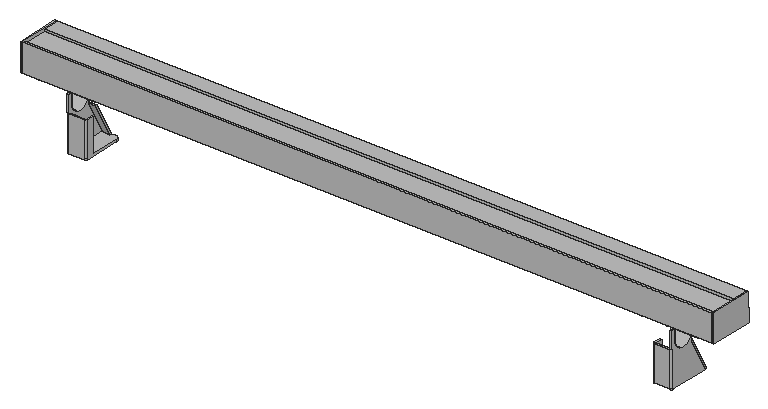
Revit family "4070757+4070747+4070771 Feilo Sylvania Lighting Fixtures CURSUS 876MM 548LM WIDE LED 3K with SINGLE WALL HOUSING with 70MM WALL BRACKET", category Lighting Fixtures, host Face, Revit 2017
Family settings
  Host = Face
  Round Connector Dimension = Use Diameter
  Part Type = Normal
  OmniClass Number = 23.80.70.14
  OmniClass Title = Luminaries for External Lighting
  Cut with Voids When Loaded = Yes
  Light Source = No
  Shared = No
  Room Calculation Point = No
Parameters (values of type "4070757 CURSUS 876MM 548LM WIDE LED 3K")
  Weight = "1.7 kg"
  Wattage Comments = "n/a"
  WarrantyStartDate [instance] = "n/a"
  WarrantyGuarantorParts = "n/a"
  WarrantyDurationUnit = "n/a"
  WarrantyDurationParts = "n/a"
  WarrantyDescription = "n/a"
  Voltage = 24 V
  URL = "http://www.sylvania-lighting.com"
  TypeName = "CURSUS 876MM 548LM WIDE LED 3K"
  TypeFixture_FEILO = CURSUS with SINGLE WALL HOUSING : CURSUS 876MM 548LM WIDE LED 3K
  Type Image = <None>
  Type Comments = "n/a"
  TiltAngle [instance] = 0.00°
  StartAngle [instance] = TiltAngle + 270.00°  # 270.00°
  SerialNumber [instance] = "n/a"
  ReflectorMaterial = none
  PowerFactor = 0
  PowerConsumption = "13.5 W"
  NominalLength = 876 mm
  NominalHeight = 50 mm
  NominalDepth = 30 mm
  Name = "CURSUS 876MM 548LM WIDE LED 3K"
  ModelReference = Name  # "CURSUS 876MM 548LM WIDE LED 3K"
  ModelNumber = "4070757"
  Model = Name  # "CURSUS 876MM 548LM WIDE LED 3K"
  Material = "natural anodised extruded aluminium structure housing"
  ManufacturerName = "Feilo Sylvania"
  Manufacturer = "Feilo Sylvania"
  LuminousEfficacy = "40.59 lm/W"
  LuminaireType = ""
  LightOutputRatio = "100"
  LampsType = Lamp  # "LED"
  LampNominalLuminous = "548 lm"
  LampMacAdamStep = "n/a"
  LampColourTemperature = "3000 K"
  LampColourRenderingIndex = "80"
  Lamp = "LED"
  Keynote = "16500"
  InstallationDate [instance] = "n/a"
  InputVoltage = "24V DC"
  InputNominalFrequency = "n/a"
  IngressProtection = "IP67"
  ImpactProtectionIndex = "IK07"
  IfcExportType = "IfcLightFixtureType"
  IfcExportAs = "IfcLightFixtureType"
  ExpectedLife = 50000
  EndAngle [instance] = StartAngle - 180.00°  # 90.00°
  ElectricShockClassification = "Class III"
  DurationUnit = "hours"
  DocumentationLiterature = "http://www.sylvania-lighting.com/product/en-int/products/4070757"
  DimmingControlOptions = "n/a"
  DiffuserMaterial = Diffuser-Sylvania-Glow
  Description = "LED Exterior Lighting Recessed Surface Mounted Linear Fixture, Natural anodised extruded aluminium structure. Die-cast aluminium end caps. Installation kit with harmonic steel springs., 548 lm, 13,5W, 40lm/W, 3000K, CRI80+,non dimmable,IP67, IK07, (HxWxD) 876x50x30mm, 3 step Mac Adam Ellipse, 1.7kg,, Classe III, 21-25V-DC, energy class : A++, A+, A"
  Default Elevation = 1219.2 mm
  CreatedOn = "1/8/2018"
  CreatedBy = ""
  Cost = 0
  built-in parameter 1114216 [instance] = (empty or 0)
  ClassificationValue = "EF_70_80"
  ClassificationName = "Uniclass2015"
  BracketWidth = 24 mm
  BracketThickness = 2 mm
  BracketHeightEnd = 32 mm
  BracketHeight = 55 mm
  BracketFlange = BracketHeight / 5  # 11 mm
  BracketExtension = 70 mm
  BracketEndReduction = 25 mm
  BracketC = 22 mm  # constant formula
  BracketDistance = 745 mm
  BracketD = BracketHeightEnd - (BracketC * (BracketHeight - BracketHeightEnd) / (BracketExtension - BracketEndReduction))  # 20.756 mm
  BodyMaterial = Body-Sylvania-Gray
  BarCode [instance] = "n/a"
  AssetType = "Fixed"
  AssetIdentifier [instance] = "n/a"
  Assembly Code = "D5020200"
  Apparent Load = 13.5 VA
  AccessoryMaterial = Diffuser-Sylvania-Glow
Reference planes
  plane 1 "Center (Front/Back)": y = 0
  plane 2: z = 0
  plane 3 "Center (Left/Right)": x = 0
  plane 4: x = -384.5
  plane 5: x = 384.5
  plane 6: y = 55
  plane 7: x = -360.5
  plane 8: x = 360.5
  plane 9: z = 70
  plane 10: z = 56
  plane 11: z = 2
  plane 12: z = 45
  plane 13: x = -382.5
  plane 14: y = 53
  plane 15: y = 2
  plane 16: x = -362.5
  plane 17: x = 362.5
  plane 18: x = 382.5
  plane 19: x = -372.5
  plane 20: x = 372.5
  plane 21: y = 11
  plane 22: y = 32
  plane 23: y = 30
  plane 24: z = 67
  plane 25: y = 20.756
  plane 26: y = 16
Forms (mm)
  Blend 1, solid, material "Body-Sylvania-Gray" <- "BodyMaterial"
    base sketch origin (1223.4, -4572, 2) x (0, -1, 0) y (1, 0, 0)
      loop
        line (-4625, -1595.9) -> (-4627, -1595.9) -> (-4627, -1605.9)
        arc (-4627, -1605.9) -> (-4626.414, -1607.314) -> (-4625, -1607.9) r 2
        line (-4625, -1607.9) -> (-4574, -1607.9)
        arc (-4574, -1607.9) -> (-4572.586, -1607.314) -> (-4572, -1605.9) r 2
        line (-4572, -1605.9) -> (-4572, -1585.9)
        arc (-4572, -1585.9) -> (-4572.586, -1584.486) -> (-4574, -1583.9) r 2
        line (-4574, -1583.9) -> (-4583, -1583.9) -> (-4583, -1585.9) -> (-4574, -1585.9) -> (-4574, -1605.9) -> (-4625, -1605.9) -> (-4625, -1595.9)
    top sketch origin (1223.4, -4572, 2) x (0, -1, 0) y (1, 0, 0)
      loop
        line (-4583, -1585.9) -> (-4574, -1585.9) -> (-4574, -1605.9) -> (-4602, -1605.9) -> (-4602, -1595.9) -> (-4604, -1595.9) -> (-4604, -1605.9)
        arc (-4604, -1605.9) -> (-4603.52, -1607.21) -> (-4602.309, -1607.9) r 2.028
        line (-4602.309, -1607.9) -> (-4574, -1607.9)
        arc (-4574, -1607.9) -> (-4572.586, -1607.314) -> (-4572, -1605.9) r 2
        line (-4572, -1605.9) -> (-4572, -1585.9)
        arc (-4572, -1585.9) -> (-4572.586, -1584.486) -> (-4574, -1583.9) r 2
        line (-4574, -1583.9) -> (-4583, -1583.9) -> (-4583, -1585.9)
    from 0 to 43
  Extrusion 2, solid, material "Body-Sylvania-Gray" <- "BodyMaterial"
    sketch origin (0, 0, 0) x (1, 0, 0) y (0, 1, 0)
      loop
        arc (-382.5, 55) -> (-383.914, 54.414) -> (-384.5, 53) r 2
        line (-384.5, 53) -> (-384.5, 2)
        arc (-384.5, 2) -> (-383.914, 0.586) -> (-382.5, 0) r 2
        line (-382.5, 0) -> (-362.5, 0)
        arc (-362.5, 0) -> (-361.086, 0.586) -> (-360.5, 2) r 2
        line (-360.5, 2) -> (-360.5, 47.5)
        arc (-360.5, 47.5) -> (-362.697, 52.803) -> (-368, 55) r 7.5
        line (-368, 55) -> (-382.5, 55)
      loop
        line (382.5, 55) -> (368, 55)
        arc (368, 55) -> (362.697, 52.803) -> (360.5, 47.5) r 7.5
        line (360.5, 47.5) -> (360.5, 2)
        arc (360.5, 2) -> (361.086, 0.586) -> (362.5, 0) r 2
        line (362.5, 0) -> (382.5, 0)
        arc (382.5, 0) -> (383.914, 0.586) -> (384.5, 2) r 2
        line (384.5, 2) -> (384.5, 53)
        arc (384.5, 53) -> (383.914, 54.414) -> (382.5, 55) r 2
    from 0 to 2
  Blend 3, solid, material "Body-Sylvania-Gray" <- "BodyMaterial"
    base sketch origin (1223.4, -4572, 2) x (0, -1, 0) y (1, 0, 0)
      loop
        line (-4625, -840.9) -> (-4574, -840.9) -> (-4574, -860.9) -> (-4583, -860.9) -> (-4583, -862.9) -> (-4574, -862.9)
        arc (-4574, -862.9) -> (-4572.586, -862.314) -> (-4572, -860.9) r 2
        line (-4572, -860.9) -> (-4572, -840.9)
        arc (-4572, -840.9) -> (-4572.586, -839.486) -> (-4574, -838.9) r 2
        line (-4574, -838.9) -> (-4625, -838.9)
        arc (-4625, -838.9) -> (-4626.414, -839.486) -> (-4627, -840.9) r 2
        line (-4627, -840.9) -> (-4627, -850.9) -> (-4625, -850.9) -> (-4625, -840.9)
    top sketch origin (1223.4, -4572, 2) x (0, -1, 0) y (1, 0, 0)
      loop
        line (-4602, -850.9) -> (-4602, -840.9) -> (-4574, -840.9) -> (-4574, -860.9) -> (-4583, -860.9) -> (-4583, -862.9) -> (-4574, -862.9)
        arc (-4574, -862.9) -> (-4572.586, -862.314) -> (-4572, -860.9) r 2
        line (-4572, -860.9) -> (-4572, -840.9)
        arc (-4572, -840.9) -> (-4572.586, -839.486) -> (-4574, -838.9) r 2
        line (-4574, -838.9) -> (-4602, -838.9)
        arc (-4602, -838.9) -> (-4603.414, -839.486) -> (-4604, -840.9) r 2
        line (-4604, -840.9) -> (-4604, -850.9) -> (-4602, -850.9)
    from 0 to 43
  Blend 4, solid, material "Body-Sylvania-Gray" <- "BodyMaterial"
    base sketch origin (1223.4, -4572, 45) x (0, -1, 0) y (1, 0, 0)
      loop
        line (-4604, -1607.9) -> (-4572, -1607.9) -> (-4572, -1605.9) -> (-4604, -1605.9) -> (-4604, -1607.9)
    top sketch origin (1223.4, -4572, 45) x (0, -1, 0) y (1, 0, 0)
      loop
        line (-4572, -1607.9) -> (-4572, -1605.9) -> (-4592.756, -1605.9) -> (-4592.756, -1607.9) -> (-4572, -1607.9)
    from 0 to 22
  Blend 5, solid, material "Body-Sylvania-Gray" <- "BodyMaterial"
    base sketch origin (1223.4, -4572, 45) x (0, -1, 0) y (1, 0, 0)
      loop
        line (-4604, -840.9) -> (-4572, -840.9) -> (-4572, -838.9) -> (-4604, -838.9) -> (-4604, -840.9)
    top sketch origin (1223.4, -4572, 45) x (0, -1, 0) y (1, 0, 0)
      loop
        line (-4572, -838.9) -> (-4592.756, -838.9) -> (-4592.756, -840.9) -> (-4572, -840.9) -> (-4572, -838.9)
    from 0 to 22
  Extrusion 6, void
    sketch origin (0, 0, 0) x (0, 1, 0) y (0, 0, 1)
      loop
        line (0, 45) -> (2, 45) -> (2, 46.5) -> (0, 46.5) -> (0, 45)
      loop
        line (32, 45) -> (32, 46.5) -> (30, 46.5) -> (30, 45) -> (32, 45)
    from -384.5 to 384.5
  Revolve 7, solid, not visible
    sketch origin (1524, 16, 1219.2) x (1, 0, 0) y (0, 0, 1)
      loop
        line (-1524, -1152.2) -> (-1524, -1163.2) -> (-1151.5, -1163.2) -> (-1151.5, -1152.2) -> (-1524, -1152.2)
      axis (-1151.5, -1163.2) -> (-1524, -1163.2)
    angle from 270 <- "StartAngle" to 90 <- "EndAngle"
Cuts and joins
  Extrusion 6 cuts Blend 4
  Extrusion 6 cuts Blend 5
  joined: Blend 1, Extrusion 2, Blend 3, Blend 4, Blend 5
Lines and regions (mm)
  reference lines, not visible
    curve 1: line (-360.5, 16, 56) -> (360.5, 16, 56)
Dimensions and locks
  equal spacing: plane 4, plane 3 "Center (Left/Right)", plane 5
  "BracketDistance": plane 19 to plane 20
  "BracketHeight": plane 1 "Center (Front/Back)" to plane 6
  equal spacing: plane 7, plane 3 "Center (Left/Right)", plane 8
  "BracketWidth": plane 4 to plane 7
  "BracketExtension": plane 9 to plane 2
  "BracketThickness": plane 11 to plane 2
  "BracketEndReduction": plane 9 to plane 12
  equal spacing: plane 13, plane 3 "Center (Left/Right)", plane 18
  equal spacing: plane 16, plane 3 "Center (Left/Right)", plane 17
  "BracketThickness": plane 4 to plane 13
  "BracketThickness": plane 16 to plane 7
  "BracketThickness": plane 14 to plane 6
  "BracketThickness": plane 1 "Center (Front/Back)" to plane 15
  equal spacing: plane 4, plane 19, plane 7
  equal spacing: plane 8, plane 20, plane 5
  "BracketFlange": plane 1 "Center (Front/Back)" to plane 21
  "BracketHeightEnd": plane 1 "Center (Front/Back)" to plane 22
  "BracketThickness": plane 23 to plane 22
  locked: Extrusion 2 sketch curve to plane 7 at 7.5
  locked: Extrusion 2 sketch curve to plane 6 at 7.5  (x2)
  locked: plane 8 to Extrusion 2 sketch curve at 7.5
  "BracketC": plane 24 to plane 12
  "BracketD": plane 1 "Center (Front/Back)" to plane 25
  locked: plane 12 to Extrusion 6 sketch curve at 1.5
  equal spacing: plane 24, plane 10, plane 12
  equal spacing: plane 1 "Center (Front/Back)", plane 26, plane 22
  aligned and locked: plane 2 to host face
  aligned and locked: level to host face
  aligned and locked: plane 4 to Blend 1 sketch curve  (x2)
  aligned and locked: plane 13 to Blend 1 sketch curve  (x3)
  aligned and locked: Blend 1 sketch curve to plane 15
  aligned and locked: Blend 1 sketch curve to plane 16
  aligned and locked: Blend 1 sketch curve to plane 21
  aligned and locked: plane 7 to Blend 1 sketch curve
  aligned and locked: plane 16 to Blend 1 sketch curve
  aligned and locked: plane 1 "Center (Front/Back)" to Blend 1 sketch curve
  aligned and locked: plane 14 to Blend 1 sketch curve
  aligned and locked: Blend 1 sketch curve to var sketch  (x6)
  aligned and locked: Blend 1 sketch curve to plane 19
  aligned and locked: Blend 1 sketch curve to plane 22
  aligned and locked: plane 23 to Blend 1 sketch curve
  aligned and locked: plane 11 to Blend 1
  aligned and locked: Extrusion 2 sketch curve to Blend 1  (x3)
  aligned and locked: Extrusion 2 to level
  aligned and locked: Extrusion 2 to plane 11
  aligned and locked: Extrusion 2 sketch curve to plane 7
  aligned and locked: plane 18 to Blend 3 sketch curve  (x4)
  aligned and locked: plane 14 to Blend 3 sketch curve  (x2)
  aligned and locked: Blend 3 sketch curve to plane 20
  aligned and locked: Blend 3 sketch curve to plane 6
  aligned and locked: plane 5 to Blend 3 sketch curve
  aligned and locked: plane 1 "Center (Front/Back)" to Blend 3 sketch curve
  aligned and locked: plane 15 to Blend 3 sketch curve  (x2)
  aligned and locked: Blend 3 sketch curve to plane 8
  aligned and locked: Blend 3 sketch curve to plane 21
  aligned and locked: plane 17 to Blend 3 sketch curve
  aligned and locked: Blend 3 sketch curve to plane 18
  aligned and locked: plane 20 to Blend 3 sketch curve  (x2)
  aligned and locked: Blend 3 sketch curve to plane 23
  aligned and locked: Blend 3 sketch curve to var sketch  (x8)
  aligned and locked: var sketch to Blend 3 sketch curve
  aligned and locked: plane 22 to Blend 3 sketch curve
  aligned and locked: plane 11 to Blend 3
  aligned and locked: Extrusion 2 sketch curve to Blend 3  (x4)
  aligned and locked: Blend 1 to plane 12
  aligned and locked: Blend 3 to plane 12
  aligned and locked: Blend 4 sketch curve to plane 22
  aligned and locked: Blend 4 sketch curve to cut or joined group of Blend 1, Extrusion 2, Blend 3, Blend 4, Blend 5, Extrusion 6  (x2)
  aligned and locked: cut or joined group of Blend 1, Extrusion 2, Blend 3, Blend 4, Blend 5, Extrusion 6 to Blend 4 sketch curve
  aligned and locked: Blend 4 sketch curve to var sketch  (x2)
  aligned and locked: Blend 4 sketch curve to plane 13
  aligned and locked: Blend 4 to plane 24
  aligned and locked: Blend 4 sketch curve to plane 25
  aligned and locked: Blend 5 sketch curve to plane 18  (x2)
  aligned and locked: plane 1 "Center (Front/Back)" to Blend 5 sketch curve
  aligned and locked: plane 5 to Blend 5 sketch curve
  aligned and locked: plane 22 to Blend 5 sketch curve
  aligned and locked: Blend 5 sketch curve to var sketch
  aligned and locked: var sketch to Blend 5 sketch curve
  aligned and locked: Blend 5 sketch curve to plane 25
  aligned and locked: Blend 5 to plane 24
  aligned and locked: plane 12 to Blend 5
  aligned and locked: Extrusion 6 sketch curve to cut or joined group of Blend 1, Extrusion 2, Blend 3, Blend 4, Blend 5, Extrusion 6  (x2)
  aligned and locked: Extrusion 6 sketch curve to Extrusion 6 sketch curve
  aligned and locked: Extrusion 6 sketch curve to plane 15
  aligned and locked: plane 5 to Extrusion 6
  aligned and locked: Extrusion 6 to plane 4
  aligned and locked: Extrusion 6 sketch curve to plane 23
  aligned and locked: Revolve 7 sketch curve to plane 10  (x2)
  aligned and locked: plane 24 to Revolve 7 sketch curve
  aligned and locked: plane 3 "Center (Left/Right)" to Revolve 7 sketch curve
  aligned and locked: Revolve 7 sketch curve to plane 20
  aligned and locked: plane 7 to curve 1
  aligned and locked: plane 10 to curve 1
  aligned and locked: nested 1 to plane 5
  aligned and locked: nested 2 to plane 4
  aligned and locked: nested 1 to curve 1
  aligned and locked: nested 2 to curve 1
  aligned and locked: nested 1 to nested 3
  aligned and locked: nested 3 to plane 3 "Center (Left/Right)"
Automatic sketch dimensions
  host sketch curve to host sketch curve = 2438.4 mm  (x2)
  Blend 1 sketch curve to plane 13 = 0 mm
  plane 15 to Blend 1 sketch curve = 0 mm  (x3)
  Blend 1 sketch curve to plane 23 = 0.309 mm
  plane 6 to Blend 1 sketch curve = 0 mm
  plane 14 to Blend 1 sketch curve = 0 mm
  Blend 1 sketch curve to plane 19 = 0 mm
  Blend 3 sketch curve to plane 17 = 0 mm
  Extrusion 6 sketch curve to plane 1 "Center (Front/Back)" = 0 mm
  plane 12 to Extrusion 6 sketch curve = 0 mm
  Revolve 7 sketch curve to plane 4 = 1153 mm
  plane 5 to Revolve 7 sketch curve = 1161.4 mm
  curve 1 to plane 8 = 0 mm
Nested families
  nested 1: "MountingPlate" at (383.5, 16, 56) x (-1, 0, 0) z (0, 0, 1), type "MountingPlate"
  nested 2: "MountingPlate" at (-383.5, 16, 56) x (-1, 0, 0) z (0, 0, 1), type "MountingPlate"
  nested 3: "CURSUS with SINGLE WALL HOUSING" at (0, -4, 74) x (-1, 0, 0) z (0, 0, 1), type <- "TypeFixture_FEILO", type "CURSUS 876MM 548LM WIDE LED 3K"
    with WarrantyStartDate "n/a", SerialNumber "n/a", InstallationDate "n/a", EndCapRight yes, EndCapLeft yes, built-in parameter 1114216 (empty or 0), BarCode "n/a", AssetIdentifier "n/a"
Connectors
  electrical at (0, 0, 0), driven by "Voltage", driven by "Apparent Load", driven by "PowerFactor"
    settings: index 1, voltage 24 V, apparent load 13.5 VA, apparent load phase1 0 VA, apparent load phase2 0 VA, apparent load phase3 0 VA, power factor 0, load classification "Other", number of poles 1, system type 30, power factor state 1, is connector primary yes, connector utility no, sub classification motor no, connector description ""
Definition of nested family "MountingPlate"
  Parameters (values of type "MountingPlate")
    URL = "http://www.feilosylvania.com"
    Type Comments = "n/a"
    ReflectorMaterial = none
    MountingPlateWidth = 76 mm
    MountingPlateThickness = 2 mm
    MountingPlateRadiusBack = 12 mm
    MountingPlateRadius = 3 mm
    MountingPlateHeight = 35 mm
    Model = "n/a"
    Manufacturer = "Feilo Sylvania"
    Keynote = "n/a"
    DiffuserMaterial = none
    Description = "n/a"
    Default Elevation = 1219.2 mm
    Cost = 0
    BodyMaterial = none
    Assembly Code = "n/a"
    AccessoryMaterial = none
  Reference planes
    plane 1 "Center (Front/Back)": y = 0
    plane 2: z = 0
    plane 3 "Center (Left/Right)": x = 0
    plane 4: x = -38
    plane 5: x = 38
    plane 6: y = 17.5
    plane 7: y = -17.5
    plane 8: x = -3
    plane 9: x = 3
    plane 10: z = 18
    plane 11: z = 16
    plane 12: y = 12.5
    plane 13: y = -12.5
    plane 14: x = -1
    plane 15: x = 1
    plane 16: z = -12.5
    plane 17: z = -14.5
  Forms (mm)
    Extrusion 1, solid
      sketch origin (1.653, 0, 0) x (1, 0, 0) y (0, 1, 0)
        loop
          line (-1219.2, 1219.2) -> (-1219.2, -1219.2) -> (1219.2, -1219.2) -> (1219.2, 1219.2) -> (-1219.2, 1219.2)
      from 0 to -304.8
    Extrusion 2, solid, material <- "BodyMaterial"
      sketch origin (1218.4, -4572, 16) x (0, -1, 0) y (-1, 0, 0)
        loop
          line (-4589.5, 1253.4) -> (-4589.5, 1224.4)
          arc (-4589.5, 1224.4) -> (-4588.621, 1222.279) -> (-4586.5, 1221.4) r 3
          line (-4586.5, 1221.4) -> (-4557.5, 1221.4)
          arc (-4557.5, 1221.4) -> (-4555.379, 1222.279) -> (-4554.5, 1224.4) r 3
          line (-4554.5, 1224.4) -> (-4554.5, 1253.4)
          arc (-4554.5, 1253.4) -> (-4555.379, 1255.521) -> (-4557.5, 1256.4) r 3
          line (-4557.5, 1256.4) -> (-4586.5, 1256.4)
          arc (-4586.5, 1256.4) -> (-4588.621, 1255.521) -> (-4589.5, 1253.4) r 3
        loop
          arc (-4589.5, 1183.4) -> (-4588.621, 1181.279) -> (-4586.5, 1180.4) r 3
          line (-4586.5, 1180.4) -> (-4557.5, 1180.4)
          arc (-4557.5, 1180.4) -> (-4555.379, 1181.279) -> (-4554.5, 1183.4) r 3
          line (-4554.5, 1183.4) -> (-4554.5, 1212.4)
          arc (-4554.5, 1212.4) -> (-4555.379, 1214.521) -> (-4557.5, 1215.4) r 3
          line (-4557.5, 1215.4) -> (-4586.5, 1215.4)
          arc (-4586.5, 1215.4) -> (-4588.621, 1214.521) -> (-4589.5, 1212.4) r 3
          line (-4589.5, 1212.4) -> (-4589.5, 1183.4)
      from 0 to -2
    Extrusion 3, solid, material <- "BodyMaterial"
      sketch origin (0, 0, 0) x (1, 0, 0) y (0, 0, 1)
        loop
          line (-3, 18) -> (-3, -12.5) -> (-1, -12.5) -> (-1, 16)
          arc (-1, 16) -> (-1.586, 17.414) -> (-3, 18) r 2
        loop
          line (3, -12.5) -> (3, 18)
          arc (3, 18) -> (1.586, 17.414) -> (1, 16) r 2
          line (1, 16) -> (1, -12.5) -> (3, -12.5)
      from -12.5 to 12.5
    Extrusion 4, void
      sketch origin (0, 0, 0) x (0, 1, 0) y (0, 0, 1)
        loop
          line (-12.5, -0.5) -> (-17.5, -0.5) -> (-17.5, -14.5) -> (-0.5, -14.5) -> (-0.5, -12.5)
          arc (-0.5, -12.5) -> (-8.985, -8.985) -> (-12.5, -0.5) r 12
        loop
          line (0.5, -12.5) -> (0.5, -14.5) -> (17.5, -14.5) -> (17.5, -0.5) -> (12.5, -0.5)
          arc (12.5, -0.5) -> (8.985, -8.985) -> (0.5, -12.5) r 12
      from -3 to 3
  Cuts and joins
    Extrusion 4 cuts Extrusion 2
    Extrusion 4 cuts Extrusion 3
    joined: Extrusion 2, Extrusion 3
  Lines and regions (mm)
    reference lines
      curve 1: line (-38, 0, 0) -> (38, 0, 0)
  Dimensions and locks
    equal spacing: plane 4, plane 3 "Center (Left/Right)", plane 5
    "MountingPlateWidth": plane 4 to plane 5
    equal spacing: plane 7, plane 1 "Center (Front/Back)", plane 6
    "MountingPlateHeight": plane 7 to plane 6
    equal spacing: plane 8, plane 3 "Center (Left/Right)", plane 9
    "MountingPlateHeight": plane 4 to plane 8
    locked: plane 10 to plane 2 at 18
    "MountingPlateThickness": plane 10 to plane 11
    equal spacing: plane 13, plane 1 "Center (Front/Back)", plane 12
    locked: plane 13 to plane 12 at 25
    "MountingPlateRadius": plane 4 to Extrusion 2 sketch curve  (x2)
    "MountingPlateRadius": Extrusion 2 sketch curve to plane 6  (x4)
    "MountingPlateRadius": Extrusion 2 sketch curve to plane 8  (x2)
    "MountingPlateRadius": plane 7 to Extrusion 2 sketch curve  (x4)
    "MountingPlateRadius": plane 9 to Extrusion 2 sketch curve  (x2)
    "MountingPlateRadius": Extrusion 2 sketch curve to plane 5  (x2)
    equal spacing: plane 15, plane 3 "Center (Left/Right)", plane 14
    "MountingPlateThickness": plane 14 to plane 8
    locked: plane 2 to plane 16 at 12.5
    locked: plane 17 to plane 16 at 2
    "MountingPlateRadiusBack": plane 13 to Extrusion 4 sketch curve
    "MountingPlateRadiusBack": plane 16 to Extrusion 4 sketch curve  (x2)
    "MountingPlateRadiusBack": Extrusion 4 sketch curve to plane 12
    aligned and locked: plane 2 to Extrusion 1
    aligned and locked: level to Extrusion 1
    aligned and locked: Extrusion 2 sketch curve to plane 6
    aligned and locked: Extrusion 2 sketch curve to plane 4
    aligned and locked: plane 7 to Extrusion 2 sketch curve
    aligned and locked: plane 8 to Extrusion 2 sketch curve
    aligned and locked: plane 6 to Extrusion 2 sketch curve
    aligned and locked: Extrusion 2 sketch curve to plane 5
    aligned and locked: Extrusion 2 sketch curve to plane 7
    aligned and locked: plane 9 to Extrusion 2 sketch curve
    aligned and locked: Extrusion 2 to plane 10
    aligned and locked: plane 11 to Extrusion 2
    aligned and locked: Extrusion 3 sketch curve to Extrusion 2  (x2)
    aligned and locked: plane 16 to Extrusion 3 sketch curve  (x2)
    aligned and locked: plane 14 to Extrusion 3 sketch curve
    aligned and locked: plane 9 to Extrusion 3 sketch curve
    aligned and locked: plane 15 to Extrusion 3 sketch curve
    aligned and locked: Extrusion 3 to plane 12
    aligned and locked: plane 13 to Extrusion 3
    aligned and locked: plane 17 to Extrusion 4 sketch curve  (x2)
    aligned and locked: Extrusion 4 sketch curve to plane 7
    aligned and locked: Extrusion 4 sketch curve to plane 6
    aligned and locked: plane 9 to Extrusion 4
    aligned and locked: Extrusion 4 to plane 8
    aligned and locked: plane 4 to curve 1
    aligned and locked: curve 1 to level
  Automatic sketch dimensions
    Extrusion 1 sketch curve to Extrusion 1 sketch curve = 2438.4 mm  (x2)
    Extrusion 3 sketch curve to plane 11 = 0 mm
    curve 1 to plane 5 = 0 mm
    Extrusion 4 sketch curve to plane 13 = 0 mm
    Extrusion 4 sketch curve to plane 12 = 0 mm
Definition of nested family "CURSUS with SINGLE WALL HOUSING"
  Parameters (values of type "CURSUS 1161MM 827LM OVAL LED 3K")
    Width_FEILO = 35 mm
    Weight = "2.2 kg"
    Wattage Comments = "n/a"
    Wattage = 18 W
    WarrantyStartDate [instance] = "n/a"
    WarrantyGuarantorParts = "n/a"
    WarrantyDurationUnit = "n/a"
    WarrantyDurationParts = "n/a"
    WarrantyDescription = "n/a"
    WallThickness_FEILO = 2.5 mm
    built-in parameter 1150110 = 1 (stored number, unit not read)
    Voltage = 24 V
    URL = "http://www.feilosylvania.com"
    TypeName = "CURSUS 1161MM 827LM OVAL LED 3K"
    Type Image = (empty or 0)
    Type Comments = "n/a"
    built-in parameter 1114217 = 1 (stored number, unit not read)
    Tilt Angle = -90.00°
    built-in parameter 1150109 = 1 (stored number, unit not read)
    built-in parameter 1150134 = (empty or 0)
    built-in parameter 1150113 = 1 (stored number, unit not read)
    SerialNumber [instance] = "n/a"
    ReflectorMaterial = none
    PowerFactor = 0
    PowerConsumption = "18 W"
    Photometric Web File = "4070765.ies"
    NominalLength = 1161 mm
    NominalHeight = 50 mm
    NominalDepth = 30 mm
    Name = "CURSUS 1161MM 827LM OVAL LED 3K"
    ModelReference = Name  # "CURSUS 1161MM 827LM OVAL LED 3K"
    ModelNumber = ""
    Model = Name  # "CURSUS 1161MM 827LM OVAL LED 3K"
    Material = "natural anodised extruded aluminium structure housing, optical system with pmma lenses diffuser"
    ManufacturerName = "Feilo Sylvania"
    Manufacturer = "Feilo Sylvania"
    LuminousEfficacy = "45.94 lm/W"
    built-in parameter 1150105 = 1166.5 (stored number, unit not read)
    Lumens = 827 lm
    LuminaireType = ""
    built-in parameter 1150115 = 1 (stored number, unit not read)
    LightOutputRatio = "100"
    built-in parameter 1150137 = (empty or 0)
    built-in parameter 1150139 = (empty or 0)
    Length_FEILO = 1167 mm
    LampsType = Lamp  # "LED"
    LampNominalLuminous = "827 lm"
    LampMacAdamStep = "n/a"
    LampColourTemperature = "3000 K"
    LampColourRenderingIndex = "80"
    built-in parameter 1150112 = 1 (stored number, unit not read)
    built-in parameter 1150114 = 1 (stored number, unit not read)
    Lamp = "LED"
    Keynote = "16500"
    InstallationDate [instance] = "n/a"
    InputVoltage = "24V DC"
    InputNominalFrequency = "n/a"
    built-in parameter 1150132 = (empty or 0)
    built-in parameter 1150102 = (empty or 0)
    built-in parameter 1150107 = 3000 (stored number, unit not read)
    built-in parameter 1150138 = (empty or 0)
    IngressProtection = "IP67"
    ImpactProtectionIndex = "IK07"
    built-in parameter 1150106 = 11.665 (stored number, unit not read)
    IfcExportType = "IfcLightFixtureType"
    IfcExportAs = "IfcLightFixtureType"
    ExpectedLife = 50000
    EndCapRight [instance] = yes
    EndCapLeft [instance] = yes
    Emit from Rectangle Width = Width_FEILO - WallThickness_FEILO * 2  # 30 mm
    Emit from Rectangle Length = Length_FEILO - WallThickness_FEILO * 2  # 1162 mm
    Emit Shape Visible in Rendering = no
    ElectricShockClassification = "Class III"
    built-in parameter 1150104 = 4.2684 (stored number, unit not read)
    DurationUnit = "hours"
    DocumentationLiterature = "http://www.feilosylvania.com/product/en-int/products/4070765"
    DimmingControlOptions = "n/a"
    Dimming Lamp Color Temperature Shift = (empty or 0)
    DiffuserMaterial = none
    Description = "LED Exterior Lighting Recessed Surface Mounted Linear Fixture, Natural anodised extruded aluminium structure. Die-cast aluminium end caps. Installation kit with harmonic steel springs., 827 lm, 18W, 45lm/W, 3000K, CRI80+,non dimmable,IP67, IK07, (HxWxD) 1161x50x30mm, 3 step Mac Adam Ellipse, 2.2kg,, Classe III, 21-25V-DC, energy class : A++, A+, A"
    Default Elevation = 1219.2 mm
    CreatedOn = "1/8/2018"
    CreatedBy = "aron.fodor@feilosylvania.com"
    Cost = 0
    Color Filter = 16777215
    built-in parameter 1114216 [instance] = (empty or 0)
    ClassificationValue = "EF_70_80"
    ClassificationName = "Uniclass2015"
    BodyMaterial = none
    BarCode [instance] = "n/a"
    built-in parameter 1114218 = 1 (stored number, unit not read)
    built-in parameter 1150133 = 10 (stored number, unit not read)
    AssetType = "Fixed"
    AssetIdentifier [instance] = "n/a"
    Assembly Code = "D5020200"
    Apparent Load = 18 VA
    AccessoryMaterial = none
  Types (16, lengths in mm): name | Weight | Wattage | Voltage | TypeName | built-in parameter 1150134 | PowerConsumption | Photometric Web File | NominalLength | Name | ModelReference | Model | Material | LuminousEfficacy | built-in parameter 1150105 | Lumens | Length_FEILO | LampNominalLuminous | LampColourTemperature | InputVoltage | InputNominalFrequency | built-in parameter 1150107 | built-in parameter 1150106 | Emit from Rectangle Length | built-in parameter 1150104 | DocumentationLiterature | Description | Apparent Load
    CURSUS 1161MM 827LM OVAL LED 3K | "2.2 kg" | 18 W | 24 V | "CURSUS 1161MM 827LM OVAL LED 3K" | (empty or 0) | "18 W" | "4070765.ies" | 1161 | "CURSUS 1161MM 827LM OVAL LED 3K" | "CURSUS 1161MM 827LM OVAL LED 3K" | "CURSUS 1161MM 827LM OVAL LED 3K" | "natural anodised extruded aluminium structure housing, optical system with pmma lenses diffuser" | "45.94 lm/W" | 1166.5 (stored number, unit not read) | 827 lm | 1167 | "827 lm" | "3000 K" | "24V DC" | "n/a" | 3000 (stored number, unit not read) | 11.665 (stored number, unit not read) | 1162 | 4.2684 (stored number, unit not read) | "http://www.feilosylvania.com/product/en-int/products/4070765" | "LED Exterior Lighting Recessed Surface Mounted Linear Fixture, Natural anodised extruded aluminium structure. Die-cast aluminium end caps. Installation kit with harmonic steel springs., 827 lm, 18W, 45lm/W, 3000K, CRI80+,non dimmable,IP67, IK07, (HxWxD) 1161x50x30mm, 3 step Mac Adam Ellipse, 2.2kg,, Classe III, 21-25V-DC, energy class : A++, A+, A" | 18 VA
    CURSUS 1161MM 731LM WIDE LED 3K | "2.2 kg" | 18 W | 230 V | "CURSUS 1161MM 731LM WIDE LED 3K" | (empty or 0) | "18 W" | "4070764.ies" | 1161 | "CURSUS 1161MM 731LM WIDE LED 3K" | "CURSUS 1161MM 731LM WIDE LED 3K" | "CURSUS 1161MM 731LM WIDE LED 3K" | "natural anodised extruded aluminium structure housing" | "40.61 lm/W" | 403.47 (stored number, unit not read) | 731 lm | 1167 | "731 lm" | "3000 K" | "220-240V~" | "n/a" | 3000 (stored number, unit not read) | 4.0347 (stored number, unit not read) | 1162 | 3.7729 (stored number, unit not read) | "http://www.feilosylvania.com/product/en-int/products/4070764" | "LED Exterior Lighting Recessed Surface Mounted Linear Fixture, Natural anodised extruded aluminium structure. Die-cast aluminium end caps. Installation kit with harmonic steel springs., 731 lm, 18W, 40lm/W, 3000K, CRI80+,non dimmable,IP67, IK07, (HxWxD) 1161x50x30mm, 3 step Mac Adam Ellipse, 2.2kg,, Classe III, 21-25V-DC, energy class : A++, A+, A" | 18 VA
    CURSUS 1161MM 871LM OVAL LED 4K | "2.2 kg" | 18 W | 24 V | "CURSUS 1161MM 871LM OVAL LED 4K" | 12 | "18 W" | "4070763.ies" | 1161 | "CURSUS 1161MM 871LM OVAL LED 4K" | "CURSUS 1161MM 871LM OVAL LED 4K" | "CURSUS 1161MM 871LM OVAL LED 4K" | "natural anodised extruded aluminium structure housing, optical system with pmma lenses diffuser" | "48.38 lm/W" | 1192.8 (stored number, unit not read) | 871 lm | 1167 | "871 lm" | "4000 K" | "24V DC" | "50/60 Hz" | 4000 (stored number, unit not read) | 11.928 (stored number, unit not read) | 1162 | 4.4955 (stored number, unit not read) | "http://www.feilosylvania.com/product/en-int/products/4070763" | "LED Exterior Lighting Recessed Surface Mounted Linear Fixture, Natural anodised extruded aluminium structure. Die-cast aluminium end caps. Installation kit with harmonic steel springs., 871 lm, 18W,  48lm/W, 4000K, CRI80+,non dimmable,IP67, IK07, (HxWxD) 1161x50x30mm, 3 step Mac Adam Ellipse, 2.2kg,, Classe III, 21-25V-DC, energy class : A++, A+, A" | 18 VA
    CURSUS 1161MM 770LM WIDE LED 4K | "2.2 kg" | 18 W | 230 V | "CURSUS 1161MM 770LM WIDE LED 4K" | 12 | "18 W" | "4070762.ies" | 1161 | "CURSUS 1161MM 770LM WIDE LED 4K" | "CURSUS 1161MM 770LM WIDE LED 4K" | "CURSUS 1161MM 770LM WIDE LED 4K" | "natural anodised extruded aluminium structure housing" | "42.77 lm/W" | 424.94 (stored number, unit not read) | 770 lm | 1167 | "770 lm" | "4000 K" | "220-240V~" | "n/a" | 4000 (stored number, unit not read) | 4.2494 (stored number, unit not read) | 1162 | 3.9742 (stored number, unit not read) | "http://www.feilosylvania.com/product/en-int/products/4070762" | "LED Exterior Lighting Recessed Surface Mounted Linear Fixture, Natural anodised extruded aluminium structure. Die-cast aluminium end caps. Installation kit with harmonic steel springs., 770 lm, 18W,  42lm/W, 4000K, CRI80+,non dimmable,IP67, IK07, (HxWxD) 1161x50x30mm, 3 step Mac Adam Ellipse, 2.2kg,, Classe III, 21-25V-DC, energy class : A++, A+, A" | 18 VA
    CURSUS 876MM 620LM OVAL LED 3K | "1.7 kg" | 13.5 W | 24 V | "CURSUS 876MM 620LM OVAL LED 3K" | (empty or 0) | "13.5 W" | "4070758.ies" | 876 | "CURSUS 876MM 620LM OVAL LED 3K" | "CURSUS 876MM 620LM OVAL LED 3K" | "CURSUS 876MM 620LM OVAL LED 3K" | "natural anodised extruded aluminium structure housing, optical system with pmma lenses diffuser" | "45.92 lm/W" | 874.55 (stored number, unit not read) | 620 lm | 882 | "620 lm" | "3000 K" | "24V DC" | "50/60 Hz" | 3000 (stored number, unit not read) | 8.7455 (stored number, unit not read) | 877 | 4.2667 (stored number, unit not read) | "http://www.feilosylvania.com/product/en-int/products/4070758" | "LED Exterior Lighting Recessed Surface Mounted Linear Fixture, Natural anodised extruded aluminium structure. Die-cast aluminium end caps. Installation kit with harmonic steel springs., 620 lm, 13,5W, 45lm/W, 3000K, CRI80+,non dimmable,IP67, IK07, (HxWxD) 876x50x30mm, 3 step Mac Adam Ellipse, 1.7kg,, Classe III, 21-25V-DC, energy class : A++, A+, A" | 13.5 VA
    CURSUS 876MM 548LM WIDE LED 3K | "1.7 kg" | 13.5 W | 24 V | "CURSUS 876MM 548LM WIDE LED 3K" | (empty or 0) | "13.5 W" | "4070757.ies" | 876 | "CURSUS 876MM 548LM WIDE LED 3K" | "CURSUS 876MM 548LM WIDE LED 3K" | "CURSUS 876MM 548LM WIDE LED 3K" | "natural anodised extruded aluminium structure housing" | "40.59 lm/W" | 302.47 (stored number, unit not read) | 548 lm | 882 | "548 lm" | "3000 K" | "24V DC" | "n/a" | 3000 (stored number, unit not read) | 3.0247 (stored number, unit not read) | 877 | 3.7712 (stored number, unit not read) | "http://www.feilosylvania.com/product/en-int/products/4070757" | "LED Exterior Lighting Recessed Surface Mounted Linear Fixture, Natural anodised extruded aluminium structure. Die-cast aluminium end caps. Installation kit with harmonic steel springs., 548 lm, 13,5W, 40lm/W, 3000K, CRI80+,non dimmable,IP67, IK07, (HxWxD) 876x50x30mm, 3 step Mac Adam Ellipse, 1.7kg,, Classe III, 21-25V-DC, energy class : A++, A+, A" | 13.5 VA
    CURSUS 876MM 653LM OVAL LED 4K | "1.7 kg" | 13.5 W | 24 V | "CURSUS 876MM 653LM OVAL LED 4K" | 12 | "13.5 W" | "4070756.ies" | 876 | "CURSUS 876MM 653LM OVAL LED 4K" | "CURSUS 876MM 653LM OVAL LED 4K" | "CURSUS 876MM 653LM OVAL LED 4K" | "natural anodised extruded aluminium structure housing, optical system with pmma lenses diffuser" | "48.37 lm/W" | 894.28 (stored number, unit not read) | 653 lm | 882 | "653 lm" | "4000 K" | "24V DC" | "n/a" | 4000 (stored number, unit not read) | 8.9428 (stored number, unit not read) | 877 | 4.4938 (stored number, unit not read) | "http://www.feilosylvania.com/product/en-int/products/4070756" | "LED Exterior Lighting Recessed Surface Mounted Linear Fixture, Natural anodised extruded aluminium structure. Die-cast aluminium end caps. Installation kit with harmonic steel springs., 653 lm, 13,5W,  48lm/W, 4000K, CRI80+,non dimmable,IP67, IK07, (HxWxD) 876x50x30mm, 3 step Mac Adam Ellipse, 1.7kg,, Classe III, 21-25V-DC, energy class : A++, A+, A" | 13.5 VA
    CURSUS 876MM 577LM WIDE LED 4K | "1.7 kg" | 13.5 W | 24 V | "CURSUS 876MM 577LM WIDE LED 4K" | 12 | "13.5 W" | "4070755.ies" | 876 | "CURSUS 876MM 577LM WIDE LED 4K" | "CURSUS 876MM 577LM WIDE LED 4K" | "CURSUS 876MM 577LM WIDE LED 4K" | "natural anodised extruded aluminium structure housing" | "42.74 lm/W" | 318.43 (stored number, unit not read) | 577 lm | 882 | "577 lm" | "4000 K" | "24V DC" | "n/a" | 4000 (stored number, unit not read) | 3.1843 (stored number, unit not read) | 877 | 3.9707 (stored number, unit not read) | "http://www.feilosylvania.com/product/en-int/products/4070755" | "LED Exterior Lighting Recessed Surface Mounted Linear Fixture, Natural anodised extruded aluminium structure. Die-cast aluminium end caps. Installation kit with harmonic steel springs., 577 lm, 13,5W,  42lm/W, 4000K, CRI80+,non dimmable,IP67, IK07, (HxWxD) 876x50x30mm, 3 step Mac Adam Ellipse, 1.7kg,, Classe III, 21-25V-DC, energy class : A++, A+, A" | 13.5 VA
    CURSUS 591MM 414LM OVAL LED 3K | "1.2 kg" | 9 W | 24 V | "CURSUS 591MM 414LM OVAL LED 3K" | (empty or 0) | "9 W" | "4070751.ies" | 591 | "CURSUS 591MM 414LM OVAL LED 3K" | "CURSUS 591MM 414LM OVAL LED 3K" | "CURSUS 591MM 414LM OVAL LED 3K" | "natural anodised extruded aluminium structure housing, optical system with pmma lenses diffuser" | "46 lm/W" | 583.97 (stored number, unit not read) | 414 lm | 597 | "414 lm" | "3000 K" | "24V DC" | "n/a" | 3000 (stored number, unit not read) | 5.8397 (stored number, unit not read) | 592 | 4.2735 (stored number, unit not read) | "http://www.feilosylvania.com/product/en-int/products/4070751" | "LED Exterior Lighting Recessed Surface Mounted Linear Fixture, Natural anodised extruded aluminium structure. Die-cast aluminium end caps. Installation kit with harmonic steel springs., 414 lm, 9W, 46lm/W, 3000K, CRI80+,non dimmable,IP67, IK07, (HxWxD) 591x50x30mm, 3 step Mac Adam Ellipse, 1.2kg,, Classe III, 21-25V-DC, energy class : A++, A+, A" | 9 VA
    CURSUS 591MM 365LM WIDE LED 3K | "1.2 kg" | 9 W | 24 V | "CURSUS 591MM 365LM WIDE LED 3K" | (empty or 0) | "9 W" | "4070750.ies" | 591 | "CURSUS 591MM 365LM WIDE LED 3K" | "CURSUS 591MM 365LM WIDE LED 3K" | "CURSUS 591MM 365LM WIDE LED 3K" | "natural anodised extruded aluminium structure housing" | "40.55 lm/W" | 201.45 (stored number, unit not read) | 365 lm | 597 | "365 lm" | "3000 K" | "24V DC" | "n/a" | 3000 (stored number, unit not read) | 2.0145 (stored number, unit not read) | 592 | 3.7677 (stored number, unit not read) | "http://www.feilosylvania.com/product/en-int/products/4070750" | "LED Exterior Lighting Recessed Surface Mounted Linear Fixture, Natural anodised extruded aluminium structure. Die-cast aluminium end caps. Installation kit with harmonic steel springs., 365 lm, 9W, 40lm/W, 3000K, CRI80+,non dimmable,IP67, IK07, (HxWxD) 591x50x30mm, 3 step Mac Adam Ellipse, 1.2kg,, Classe III, 21-25V-DC, energy class : A++, A+, A" | 9 VA
    CURSUS 591MM 435LM OVAL LED 4K | "1.2 kg" | 9 W | 24 V | "CURSUS 591MM 435LM OVAL LED 4K" | 12 | "9 W" | "4070749.ies" | 591 | "CURSUS 591MM 435LM OVAL LED 4K" | "CURSUS 591MM 435LM OVAL LED 4K" | "CURSUS 591MM 435LM OVAL LED 4K" | "natural anodised extruded aluminium structure housing, optical system with pmma lenses diffuser" | "48.33 lm/W" | 595.73 (stored number, unit not read) | 435 lm | 597 | "435 lm" | "4000 K" | "24V DC" | "n/a" | 4000 (stored number, unit not read) | 5.9573 (stored number, unit not read) | 592 | 4.4903 (stored number, unit not read) | "http://www.feilosylvania.com/product/en-int/products/4070749" | "LED Exterior Lighting Recessed Surface Mounted Linear Fixture, Natural anodised extruded aluminium structure. Die-cast aluminium end caps. Installation kit with harmonic steel springs., 435 lm, 9W, 48lm/W, 4000K, CRI80+,non dimmable,IP67, IK07, (HxWxD) 591x50x30mm, 3 step Mac Adam Ellipse, 1.2kg,, Classe III, 21-25V-DC, energy class : A++, A+, A" | 9 VA
    CURSUS 591MM 385LM WIDE LED 4K | "1.2 kg" | 9 W | 24 V | "CURSUS 591MM 385LM WIDE LED 4K" | 12 | "9 W" | "4070748.ies" | 591 | "CURSUS 591MM 385LM WIDE LED 4K" | "CURSUS 591MM 385LM WIDE LED 4K" | "CURSUS 591MM 385LM WIDE LED 4K" | "natural anodised extruded aluminium structure housing" | "42.77 lm/W" | 212.47 (stored number, unit not read) | 385 lm | 597 | "385 lm" | "4000 K" | "24V DC" | "n/a" | 4000 (stored number, unit not read) | 2.1247 (stored number, unit not read) | 592 | 3.9742 (stored number, unit not read) | "http://www.feilosylvania.com/product/en-int/products/4070748" | "LED Exterior Lighting Recessed Surface Mounted Linear Fixture, Natural anodised extruded aluminium structure. Die-cast aluminium end caps. Installation kit with harmonic steel springs., 385 lm, 9W,  42lm/W, 4000K, CRI80+,non dimmable,IP67, IK07, (HxWxD) 591x50x30mm, 3 step Mac Adam Ellipse, 1.2kg,, Classe III, 21-25V-DC, energy class : A++, A+, A" | 9 VA
    CURSUS 306MM 207LM OVAL LED3K | "0.6 kg" | 4.5 W | 24 V | "CURSUS 306MM 207LM OVAL LED3K" | (empty or 0) | "4.5 W" | "4070744.ies" | 306 | "CURSUS 306MM 207LM OVAL LED3K" | "CURSUS 306MM 207LM OVAL LED3K" | "CURSUS 306MM 207LM OVAL LED3K" | "natural anodised extruded aluminium structure housing, optical system with pmma lenses diffuser" | "46 lm/W" | 291.98 (stored number, unit not read) | 207 lm | 312 | "207 lm" | "3000 K" | "24V DC" | "n/a" | 3000 (stored number, unit not read) | 2.9198 (stored number, unit not read) | 307 | 4.2735 (stored number, unit not read) | "http://www.feilosylvania.com/product/en-int/products/4070744" | "LED Exterior Lighting Recessed Surface Mounted Linear Fixture, Natural anodised extruded aluminium structure. Die-cast aluminium end caps. Installation kit with harmonic steel springs., 207 lm, 4,5W, 46lm/W, 3000K, CRI80+,non dimmable,IP67, IK07, (HxWxD) 306x50x30mm, 3 step Mac Adam Ellipse, 0.6kg,, Classe III, 21-25V-DC, energy class : A++, A+, A" | 4.5 VA
    CURSUS 306MM 183LM WIDE LED 3K | "0.6 kg" | 4.5 W | 24 V | "CURSUS 306MM 183LM WIDE LED 3K" | (empty or 0) | "4.5 W" | "4070743.ies" | 306 | "CURSUS 306MM 183LM WIDE LED 3K" | "CURSUS 306MM 183LM WIDE LED 3K" | "CURSUS 306MM 183LM WIDE LED 3K" | "natural anodised extruded aluminium structure housing" | "40.66 lm/W" | 101.01 (stored number, unit not read) | 183 lm | 312 | "183 lm" | "3000 K" | "24V DC" | "n/a" | 3000 (stored number, unit not read) | 1.0101 (stored number, unit not read) | 307 | 3.7781 (stored number, unit not read) | "http://www.feilosylvania.com/product/en-int/products/4070743" | "LED Exterior Lighting Recessed Surface Mounted Linear Fixture, Natural anodised extruded aluminium structure. Die-cast aluminium end caps. Installation kit with harmonic steel springs., 183 lm, 4,5W, 40lm/W, 3000K, CRI80+,non dimmable,IP67, IK07, (HxWxD) 306x50x30mm, 3 step Mac Adam Ellipse, 0.6kg,, Classe III, 21-25V-DC, energy class : A++, A+, A" | 4.5 VA
    CURSUS 306MM 218LM OVAL LED 4K | "0.6 kg" | 4.5 W | 24 V | "CURSUS 306MM 218LM OVAL LED 4K" | 12 | "4.5 W" | "4070742.ies" | 306 | "CURSUS 306MM 218LM OVAL LED 4K" | "CURSUS 306MM 218LM OVAL LED 4K" | "CURSUS 306MM 218LM OVAL LED 4K" | "natural anodised extruded aluminium structure housing, optical system with pmma lenses diffuser" | "48.44 lm/W" | 298.55 (stored number, unit not read) | 218 lm | 312 | "218 lm" | "4000 K" | "24V DC" | "n/a" | 4000 (stored number, unit not read) | 2.9855 (stored number, unit not read) | 307 | 4.5006 (stored number, unit not read) | "http://www.feilosylvania.com/product/en-int/products/4070742" | "LED Exterior Lighting Recessed Surface Mounted Linear Fixture, Natural anodised extruded aluminium structure. Die-cast aluminium end caps. Installation kit with harmonic steel springs., 218 lm, 4,5W,  48lm/W, 4000K, CRI80+,non dimmable,IP67, IK07, (HxWxD) 306x50x30mm, 3 step Mac Adam Ellipse, 0.6kg,, Classe III, 21-25V-DC, energy class : A++, A+, A" | 4.5 VA
    CURSUS 306MM 192LM WIDE LED 4K | "0.6 kg" | 4.5 W | 24 V | "CURSUS 306MM 192LM WIDE LED 4K" | 12 | "4.5 W" | "4070741.ies" | 306 | "CURSUS 306MM 192LM WIDE LED 4K" | "CURSUS 306MM 192LM WIDE LED 4K" | "CURSUS 306MM 192LM WIDE LED 4K" | "natural anodised extruded aluminium structure housing" | "42.66 lm/W" | 105.96 (stored number, unit not read) | 192 lm | 312 | "192 lm" | "4000 K" | "24V DC" | "n/a" | 4000 (stored number, unit not read) | 1.0596 (stored number, unit not read) | 307 | 3.9639 (stored number, unit not read) | "http://www.feilosylvania.com/product/en-int/products/4070741" | "LED Exterior Lighting Recessed Surface Mounted Linear Fixture, Natural anodised extruded aluminium structure. Die-cast aluminium end caps. Installation kit with harmonic steel springs., 192 lm, 4,5W,  42lm/W, 4000K, CRI80+,non dimmable,IP67, IK07, (HxWxD) 306x50x30mm, 3 step Mac Adam Ellipse, 0.6kg,, Classe III, 21-25V-DC, energy class : A++, A+, A" | 4.5 VA
  Reference planes
    plane 1 "Center (Front/Back)": y = 0
    plane 2: z = 0
    plane 3 "Center (Left/Right)": x = 0
    plane 4: x = 583.5
    plane 5: x = -583.5
    plane 6: x = -581
    plane 7: x = 581
    plane 8: z = 35
    plane 9: z = 17.5
    plane 10: z = 32.5
    plane 11: z = 2.5
    plane 12: z = 30
    plane 13: z = 5
    plane 14: y = -55
    plane 15: y = -53
    plane 16: y = -2.5
    plane 17: y = -37
    plane 18: y = -34.5
  Forms (mm)
    Extrusion 1, solid
      sketch origin (4.2, 0, 0) x (1, 0, 0) y (0, 1, 0)
        loop
          line (-1219.2, 1219.2) -> (-1219.2, -1219.2) -> (1219.2, -1219.2) -> (1219.2, 1219.2) -> (-1219.2, 1219.2)
      from 0 to -304.8
    Extrusion 2, solid, material <- "BodyMaterial"
      sketch origin (0, 0, 0) x (0, 1, 0) y (0, 0, 1)
        loop
          line (0, 35) -> (-2.5, 35) -> (-2.5, 32.5) -> (-34.5, 32.5) -> (-34.5, 35) -> (-55, 35) -> (-55, 32.5) -> (-37, 32.5) -> (-37, 30) -> (-2.5, 30) -> (-2.5, 5) -> (-37, 5) -> (-37, 2.5) -> (-55, 2.5) -> (-55, 0) -> (-34.5, 0) -> (-34.5, 2.5) -> (-2.5, 2.5) -> (-2.5, 0) -> (0, 0) -> (0, 35)
      from -581 to 581
    Extrusion 3, solid, material <- "DiffuserMaterial"
      sketch origin (0, 0, 0) x (0, 1, 0) y (0, 0, 1)
        loop
          line (-37, 32.5) -> (-55, 32.5) -> (-55, 19.5) -> (-53, 17.5) -> (-55, 15.5) -> (-55, 2.5) -> (-37, 2.5) -> (-37, 32.5)
      from -581 to 581
    Extrusion 4, solid, material <- "BodyMaterial", visible <- "EndCapRight"
      sketch origin (581, 1524, 1219.2) x (0, 1, 0) y (0, 0, 1)
        loop
          line (-1579, -1184.2) -> (-1579, -1219.2) -> (-1524, -1219.2) -> (-1524, -1184.2) -> (-1579, -1184.2)
      from 0 to 2.5
    Extrusion 5, solid, material <- "BodyMaterial", visible <- "EndCapLeft"
      sketch origin (-581, 1524, 1219.2) x (0, 1, 0) y (0, 0, 1)
        loop
          line (-1579, -1184.2) -> (-1579, -1219.2) -> (-1524, -1219.2) -> (-1524, -1184.2) -> (-1579, -1184.2)
      from -2.5 to 0
  Dimensions and locks
    equal spacing: plane 5, plane 3 "Center (Left/Right)", plane 4
    "Length_FEILO": plane 5 to plane 4
    equal spacing: plane 6, plane 3 "Center (Left/Right)", plane 7
    "WallThickness_FEILO": plane 5 to plane 6
    locked: plane 9 to plane 2 at 17.5
    locked: plane 8 to plane 2 at 35
    equal spacing: plane 11, plane 9, plane 10
    equal spacing: plane 13, plane 9, plane 12
    "WallThickness_FEILO": plane 12 to plane 10
    locked: plane 14 to plane 15 at 2
    locked: plane 14 to plane 17 at 18
    "WallThickness_FEILO": plane 17 to plane 18
    "WallThickness_FEILO": plane 16 to plane 1 "Center (Front/Back)"
    locked: plane 15 to Extrusion 3 sketch curve (angle 45.00°)
    locked: Extrusion 3 sketch curve to plane 15 (angle 45.00°)
    aligned and locked: plane 2 to Extrusion 1
    aligned and locked: level to Extrusion 1
    aligned and locked: plane 1 "Center (Front/Back)" to Extrusion 2 sketch curve
    aligned and locked: Extrusion 2 sketch curve to plane 8  (x2)
    aligned and locked: plane 16 to Extrusion 2 sketch curve
    aligned and locked: Extrusion 1 to Extrusion 2 sketch curve
    aligned and locked: Extrusion 2 sketch curve to plane 16  (x2)
    aligned and locked: Extrusion 2 sketch curve to plane 11
    aligned and locked: plane 18 to Extrusion 2 sketch curve
    aligned and locked: level to Extrusion 2 sketch curve
    aligned and locked: plane 11 to Extrusion 2 sketch curve
    aligned and locked: Extrusion 2 sketch curve to plane 17
    aligned and locked: plane 13 to Extrusion 2 sketch curve
    aligned and locked: Extrusion 2 sketch curve to plane 12
    aligned and locked: plane 10 to Extrusion 2 sketch curve  (x2)
    aligned and locked: plane 17 to Extrusion 2 sketch curve  (x2)
    aligned and locked: plane 12 to Extrusion 2 sketch curve
    aligned and locked: Extrusion 2 sketch curve to plane 10
    aligned and locked: Extrusion 2 sketch curve to plane 18
    aligned and locked: plane 7 to Extrusion 2
    aligned and locked: Extrusion 2 to plane 6
    aligned and locked: Extrusion 3 sketch curve to Extrusion 2  (x4)
    aligned and locked: Extrusion 2 to Extrusion 3 sketch curve
    aligned and locked: plane 9 to Extrusion 3 sketch curve
    aligned and locked: plane 7 to Extrusion 3
    aligned and locked: Extrusion 3 to plane 6
    aligned and locked: Extrusion 4 sketch curve to Extrusion 2  (x4)
    aligned and locked: plane 4 to Extrusion 4
    aligned and locked: Extrusion 4 to plane 7
    aligned and locked: Extrusion 5 sketch curve to Extrusion 4  (x3)
    aligned and locked: Extrusion 5 sketch curve to Extrusion 2
    aligned and locked: Extrusion 5 to plane 5
    aligned and locked: plane 6 to Extrusion 5
    aligned and locked: plane 14 to imposter light
    aligned and locked: imposter light to plane 9
    aligned and locked: plane 3 "Center (Left/Right)" to imposter light
  Automatic sketch dimensions
    Extrusion 1 sketch curve to Extrusion 1 sketch curve = 2438.4 mm  (x2)
    Extrusion 2 sketch curve to plane 14 = 0 mm  (x2)
    Extrusion 3 sketch curve to plane 15 = 0 mm
  Connectors
    electrical at (0, 0, 0), driven by "Apparent Load", driven by "PowerFactor", driven by "Voltage"
      settings: index 1, voltage 24 V, apparent load 18 VA, apparent load phase1 0 VA, apparent load phase2 0 VA, apparent load phase3 0 VA, power factor 0, load classification none, number of poles 1, system type 30, power factor state 1, is connector primary yes, connector utility no, sub classification motor no, connector description ""
